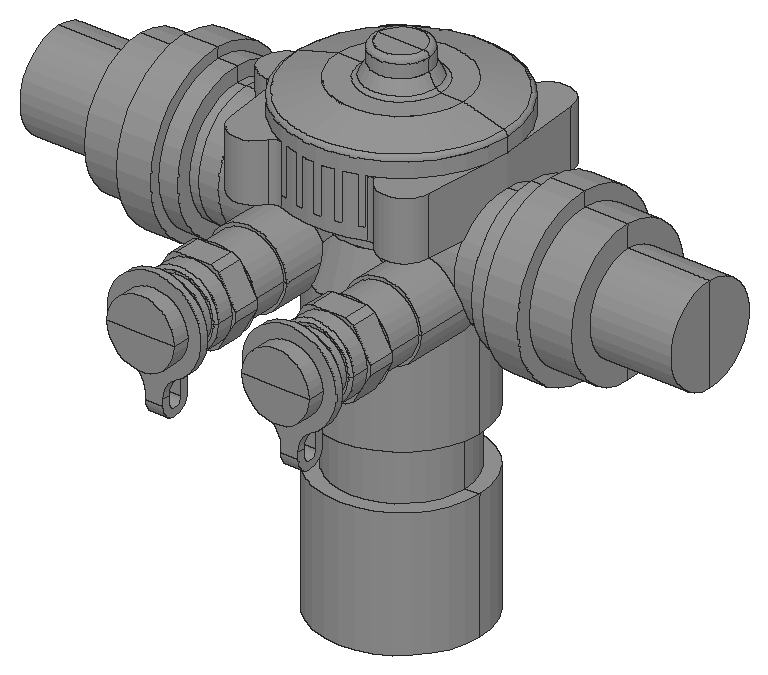
Revit family "Kombiventil 4006_M_SMART", category Rohrzubehör, Revit 2018
Family settings
  Bemaßung runder Anschluss = Durchmesser verwenden
  Teiletyp = Unterbricht
  OmniClass-Nummer = 23.65.55.14
  OmniClass-Titel = Valves for Liquid Services
  Arbeitsebenenbasiert = Nein
  Immer vertikal = Ja
  Beim Laden mit Abzugskörper schneiden = Nein
  Gemeinsam genutzt = Nein
Parameters
  min.Betriebstemperatur (Frostschutz) = -20 °C  # constant formula
  min. Betriebstemperatur (reines Wasser) = 2 °C  # constant formula
  max.Betriebstemperatur bis DN32 = 130 °C  # constant formula
  max.Betriebstemperatur ab DN40 = 110 °C  # constant formula
  max.Betriebsdruck = 1600000.0 Pa  # constant formula
  VRL01 [instance] = size_lookup("4006M_S", "VRL1", 30.000 mm, Nennweite)  # 30.000 mm
  V12 = 17.000 mm  # constant formula
  V10 = 7.000 mm  # constant formula
  V09 [instance] = L06 + 4.000 mm  # 11.000 mm
  V07 = 8.000 mm  # constant formula
  V06 [instance] = 12.000 mm  # constant formula
  V05 [instance] = 13.200 mm  # constant formula
  V04 [instance] = V08 + 3.000 mm  # 15.500 mm
  V03 [instance] = V08 + 5.000 mm  # 17.500 mm
  V02 [instance] = V01 + 4.500 mm  # 14.500 mm
  V01 [instance] = Nennweite / 2  # 10.000 mm
  URL = "www.herz-armaturen.at"
  Stift = "Edelstahl 14301"  # constant formula
  SCRNSEQ = "ARM;ARM_TYP=\"DURR\";2"
  SCRNCODE = "05;04;02"  # constant formula
  S09 = 10.000 mm  # constant formula
  S08 = 30.000 mm  # constant formula
  S07 [instance] = H03 + 3.700 mm  # 13.051 mm
  S06 [instance] = 42.550 mm  # constant formula
  S05 = 51.500 mm  # constant formula
  S04 [instance] = V03 * 2  # 35.000 mm
  S03 [instance] = VRL01 + L02  # 64.000 mm
  S02 [instance] = VRL01 + L01  # 71.000 mm
  S01 [instance] = L01 + L02 + (VRL01 * 2)  # 135.000 mm
  R17 [instance] = size_lookup("4006M_S", "R17", 12.500 mm, Nennweite)  # 14.000 mm
  R16 [instance] = size_lookup("4006M_S", "R16", 16.500 mm, Nennweite)  # 14.000 mm
  R15 = 7.225 mm  # constant formula
  R14 = 8.070 mm  # constant formula
  R13 = 3.496 mm  # constant formula
  R12 = 6.800 mm  # constant formula
  R11 = 9.620 mm  # constant formula
  R10 = 6.800 mm  # constant formula
  R09 = 16.292 mm  # constant formula
  R08 = 13.212 mm  # constant formula
  R07 = 18.816 mm  # constant formula
  R06 = 22.000 mm  # constant formula
  R05 = 12.954 mm  # constant formula
  R04 = 7.193 mm  # constant formula
  R03 = 5.755 mm  # constant formula
  R02 = 4.670 mm  # constant formula
  R01 [instance] = size_lookup("4006M_S", "R01", 11.000 mm, Nennweite)  # 12.500 mm
  PN = 16  # constant formula
  O-Ringe = "EPDM"  # constant formula
  V08 [instance] = size_lookup("4006M_S", "N2", 10.000 mm, Nennweite)  # 12.500 mm
  Nennweite/2 [instance] = size_lookup("4006M_S", "N1", 8.000 mm, Nennweite)  # 11.000 mm
  Nennweite [instance] = 20.000 mm
  Membrangehäuse = "Messing CW602N"  # constant formula
  Membrane = "EPDM"  # constant formula
  Medium = "Wasserbeschaffenheit nach ÖNORM H 5195 und VDI 2035.\r\nDie Verwendung von Ethylen- und Propylenglykol ist im Mischungsverhältnis 25 - 50 Vol.- [%] zulässig."
  L15 [instance] = size_lookup("4006M_S", "L15", 3.300 mm, Nennweite)  # 5.300 mm
  L14 [instance] = size_lookup("4006M_S", "L14", 43.477 mm, Nennweite)  # 46.477 mm
  L13 [instance] = size_lookup("4006M_S", "L13", 32.232 mm, Nennweite)  # 35.232 mm
  L12 [instance] = size_lookup("4006M_S", "L12", 6.497 mm, Nennweite)  # 9.497 mm
  L11 [instance] = size_lookup("4006M_S", "L11", 5.418 mm, Nennweite)  # 2.418 mm
  L10 [instance] = size_lookup("4006M_S", "L10", 12.434 mm, Nennweite)  # 9.434 mm
  L09 [instance] = size_lookup("4006M_S", "L09", 24.943 mm, Nennweite)  # 21.943 mm
  L08 [instance] = size_lookup("4006M_S", "L08", 28.260 mm, Nennweite)  # 25.260 mm
  L07 [instance] = size_lookup("4006M_S", "L07", 33.915 mm, Nennweite)  # 30.915 mm
  L06 = 7.000 mm  # constant formula
  L05 = 9.000 mm  # constant formula
  L04 = 21.000 mm  # constant formula
  L03 = 28.000 mm  # constant formula
  L02 = 34.000 mm  # constant formula
  L01 = 41.000 mm  # constant formula
  Impulsleitung = "Kupfer Cu-DHP (CW024A)"  # constant formula
  Hub = 4.000 mm  # constant formula
  Hersteller = "Herz-Armaturen GmbH"  # constant formula
  H04 = 12.000 mm  # constant formula
  H03 = 9.351 mm  # constant formula
  H02 [instance] = size_lookup("4006M_S", "H2", 69.000 mm, Nennweite)  # 73.000 mm
  H01 [instance] = size_lookup("4006M_S", "H1", 35.000 mm, Nennweite)  # 32.000 mm
  H [instance] = 112.553 mm  # constant formula
  Gehäuse = "DZR Messing CC770S"  # constant formula
  E20 = 108.221 mm  # constant formula
  E19 = 5.000 mm  # constant formula
  E18 = 5.150 mm  # constant formula
  E17 = 28.850 mm  # constant formula
  E16 = 23.700 mm  # constant formula
  E15 = 21.877 mm  # constant formula
  E14 = 20.506 mm  # constant formula
  E13 = 11.063 mm  # constant formula
  E12 = 9.001 mm  # constant formula
  E11 = 10.700 mm  # constant formula
  E10 = 20.427 mm  # constant formula
  E09 = 20.075 mm  # constant formula
  E08 = 20.825 mm  # constant formula
  E07 = 5.150 mm  # constant formula
  E06 = 17.921 mm  # constant formula
  E05 = 20.519 mm  # constant formula
  E04 = 19.704 mm  # constant formula
  E03 = 18.385 mm  # constant formula
  E02 = 20.014 mm  # constant formula
  E01 = 23.000 mm  # constant formula
  Druckfeder = "Federstahl"  # constant formula
  DN20 [instance] = Nennweite = 20.000 mm  # yes
  DN15 [instance] = Nennweite = 15.000 mm  # no
  Bestellnummer Verschraubung [instance] = size_lookup("4006M_S", "Vrnr", 0, Nennweite)  # 1621002
  Bestellnummer [instance] = size_lookup("4006M_S", "Artnr", 0, Nennweite)  # 1400622
  Bauschutzkappe = "Kunststoff"  # constant formula
  B09 = 7.998 mm  # constant formula
  B08 = 23.556 mm  # constant formula
  B07 = 30.908 mm  # constant formula
  B06 = 39.471 mm  # constant formula
  B05 = 40.933 mm  # constant formula
  B04 = 41.901 mm  # constant formula
  B03 = 44.372 mm  # constant formula
  B02 = 45.400 mm  # constant formula
  B01 = 50.000 mm  # constant formula
  Anwendungsgebiet = "Das Kombiventil wird in allen pumpenbetriebenen Heiz- und Kühlanlagen eingesetzt. Der Regler begrenzt automatisch\r\nden Volumenstrom im gewählten Anlagenteil auf den einmal eingestellten Wert, indem alle Druckschwankungen\r\ngemessen und ausgeregelt werden. Somit sind keine Messungen erforderlich und die Regelung ist bei allen\r\nBetriebsbedingungen effektiv. Das Kombiventil regelt den Volumenstrom der ventileigenen Voreinstellung auf einen\r\nkonstanten Wert; die Membran regelt aufgrund des Druckes unmittelbar nach dem Regeleinsatz, sowie des Druckes\r\ndavor."
Reference planes
  plane 1 "Mitte (Vorne/hinten)": y = 0
  plane 2: z = 0
  plane 3 "Mitte (Links/rechts)": x = 0
Forms (mm)
  Revolve 1, solid, material "Messing, weicher Gelbton, geschweißt", detail levels fine
    sketch origin (0, 0, 0) x (1, 0, 0) y (0, 0, 1)
      loop
        line (-41, 11) -> (-34, 11) -> (-34, 0) -> (27, 0) -> (27, 11) -> (34, 11) -> (34, 12.5) -> (25, 12.5) -> (21, 12.5) -> (-28, 12.5) -> (-32, 12.5) -> (-41, 12.5) -> (-41, 11)
      axis (-41, 0) -> (34, 0)
    angle from 0 to 360
  Revolve 2, solid, material "Messing, weicher Gelbton, geschweißt", detail levels fine
    sketch origin (0, 0, 0) x (1, 0, 0) y (0, 0, 1)
      loop
        line (0, -73) -> (16.292, -73) -> (16.292, -46.477) -> (13.212, -46.477) -> (13.212, -35.232) -> (16.292, -35.232) -> (16.292, -9.497) -> (13.212, 0.106) -> (13.212, 2.418) -> (18.816, 9.434) -> (22, 9.434) -> (22, 21.943)
        arc (22, 21.943) -> (21.752, 22.523) -> (21.223, 22.866) r 1.085
        line (21.223, 22.866) -> (12.954, 25.26) -> (8.134, 25.26)
        arc (8.134, 25.26) -> (7.591, 25.406) -> (7.193, 25.803) r 1.086
        line (7.193, 25.803) -> (5.755, 28.294) -> (5.755, 30.915)
        arc (5.755, 30.915) -> (5.437, 31.682) -> (4.67, 32) r 1.085
        line (4.67, 32) -> (0, 32) -> (0, -73)
      axis (0, 32) -> (0, -73)
    angle from 0 to 360
  Extrusion 3, solid, material "Messing, weicher Gelbton, geschweißt", detail levels fine
    sketch origin (0, 0, 28.917) x (1, 0, 0) y (0, 1, 0)
      loop
        arc (-20.506, 17.921) -> (-21.381, 11.556) -> (-21.877, 5.15) r 108.259
        line (-21.877, 5.15) -> (-23.7, 5.15)
        arc (-23.7, 5.15) -> (-27.342, 3.642) -> (-28.85, 0) r 5.15
        arc (-28.85, 0) -> (-27.342, -3.642) -> (-23.7, -5.15) r 5.15
        line (-23.7, -5.15) -> (-21.877, -5.15)
        arc (-21.877, -5.15) -> (-21.356, -11.79) -> (-20.427, -18.385) r 108.259
        arc (-20.427, -18.385) -> (-16.688, -23.223) -> (-11.063, -20.825) r 5
        arc (-11.063, -20.825) -> (-10.143, -20.146) -> (-9.001, -20.075) r 2.019
        arc (-9.001, -20.075) -> (0, -22.001) -> (9.001, -20.075) r 22.001
        arc (9.001, -20.075) -> (10.143, -20.145) -> (11.063, -20.825) r 2.019
        arc (11.063, -20.825) -> (16.688, -23.223) -> (20.427, -18.385) r 5
        arc (20.427, -18.385) -> (22, 0) -> (20.427, 18.385) r 108.221
        arc (20.427, 18.385) -> (16.253, 23.316) -> (10.7, 20.014) r 5
        arc (10.7, 20.014) -> (9.88, 19.699) -> (9.001, 19.704) r 2.379
        arc (9.001, 19.704) -> (0, 21.663) -> (-9.001, 19.704) r 21.663
        arc (-9.001, 19.704) -> (-10.161, 19.785) -> (-11.063, 20.519) r 1.927
        arc (-11.063, 20.519) -> (-16.774, 22.818) -> (-20.506, 17.921) r 5.079
    from -21.973 to -9.973
  Revolve 4, solid, material "Messing, weicher Gelbton, geschweißt", detail levels fine
    sketch origin (0, 0, -5.3) x (1, 0, 0) y (0, 1, 0)
      loop
        line (-14, -22.322) -> (-14, -7.998) -> (-22.07, -7.998) -> (-22.07, -22.322) -> (-14, -22.322)
      axis (-14, -7.998) -> (-14, -22.322)
    angle from 0 to 360
  Revolve 5, solid, material "Messing, weicher Gelbton, geschweißt", detail levels fine
    sketch origin (0, 0, 0) x (1, 0, 0) y (0, 0, 1)
      loop
        line (34, 0) -> (64, 0) -> (64, 10) -> (47, 10) -> (47, 14.5) -> (38, 14.5) -> (38, 17.5) -> (31, 17.5) -> (31, 15.5) -> (27, 15.5) -> (27, 12.5) -> (34, 12.5) -> (34, 0)
      axis (27, 0) -> (64, 0)
    angle from 0 to 360
  Revolve 6, solid, material "Messing, weicher Gelbton, geschweißt", detail levels fine
    sketch origin (-7, 0, 0) x (-1, 0, 0) y (0, 0, 1)
      loop
        line (34, 0) -> (64, 0) -> (64, 10) -> (47, 10) -> (47, 14.5) -> (38, 14.5) -> (38, 17.5) -> (31, 17.5) -> (31, 15.5) -> (27, 15.5) -> (27, 12.5) -> (34, 12.5) -> (34, 0)
      axis (27, 0) -> (64, 0)
    angle from 0 to 360
  Revolve 7, solid, material "Messing, weicher Gelbton, geschweißt", detail levels fine
    sketch origin (0, 0, -5.3) x (-1, 0, 0) y (0, -1, 0)
      loop
        line (-14, 22.322) -> (-22.07, 22.322) -> (-22.07, 7.914) -> (-14, 7.914) -> (-14, 22.322)
      axis (-14, 7.914) -> (-14, 22.322)
    angle from 0 to 360
Lines and regions (mm)
  model lines, detail levels coarse+medium
    curve 1: line (67.5, -17.5, 0) -> (67.5, 17.5, 0)
    curve 2: line (67.5, 17.5, 0) -> (-67.5, -17.5, 0)
    curve 3: line (-67.5, -17.5, 0) -> (-67.5, 17.5, 0)
    curve 4: line (-67.5, 17.5, 0) -> (67.5, -17.5, 0)
    curve 5: line (-67.5, 17.173, 0) -> (0, -9.434, 0)
    curve 6: line (0, -9.434, 0) -> (67.5, 17.173, 0)
    curve 7: line (0, -9.434, 0) -> (0, -18.949, 0)
    curve 8: spline (-22, -25.474, 0) -> (-21.25, -23.786, 0) -> (-19.053, -22.212, 0) -> (-15.556, -20.86, 0) -> (-11, -19.823, 0) -> (-5.694, -19.171, 0) -> (0, -18.949, 0) -> (5.694, -19.171, 0) -> (11, -19.823, 0) -> (15.556, -20.86, 0) -> (19.053, -22.212, 0) -> (21.25, -23.786, 0) -> (22, -25.475, 0) -> (21.25, -27.163, 0) -> (19.053, -28.737, 0) -> (15.556, -30.089, 0) -> (11, -31.126, 0) -> (5.694, -31.778, 0) -> (0, -32, 0) -> (-5.694, -31.778, 0) -> (-11, -31.126, 0) -> (-15.556, -30.089, 0) -> (-19.053, -28.737, 0) -> (-21.25, -27.163, 0) -> (-22, -25.474, 0)
    curve 9: line (-67.5, 0, 17.5) -> (-67.5, 0, -17.454)
    curve 10: line (-67.5, 0, -17.454) -> (67.5, 0, 17.5)
    curve 11: line (67.5, 0, 17.5) -> (67.5, 0, -17.454)
    curve 12: line (67.5, 0, -17.454) -> (-67.5, 0, 17.5)
    curve 13: line (67.5, 0, -17.5) -> (0, 0, 9.434)
    curve 14: line (0, 0, 9.434) -> (-67.5, 0, -17.5)
    curve 15: line (0, 0, 9.434) -> (0, 0, 18.949)
    curve 16: spline (-22, 0, 25.475) -> (-21.25, 0, 27.163) -> (-19.053, 0, 28.737) -> (-15.556, 0, 30.089) -> (-11, 0, 31.126) -> (-5.694, 0, 31.778) -> (0, 0, 32) -> (5.694, 0, 31.778) -> (11, 0, 31.126) -> (15.556, 0, 30.089) -> (19.053, 0, 28.737) -> (21.25, 0, 27.163) -> (22, 0, 25.474) -> (21.25, 0, 23.786) -> (19.053, 0, 22.212) -> (15.556, 0, 20.86) -> (11, 0, 19.823) -> (5.694, 0, 19.171) -> (0, 0, 18.949) -> (-5.694, 0, 19.171) -> (-11, 0, 19.823) -> (-15.556, 0, 20.86) -> (-19.053, 0, 22.212) -> (-21.25, 0, 23.786) -> (-22, 0, 25.475)
  model lines
    curve 17: line (-67.5, 0, 17.5) -> (-77.5, 0, 17.5)
    curve 18: line (-67.5, 0, -17.5) -> (-77.5, 0, -17.5)
    curve 19: line (-67.5, 0, 0) -> (-97.5, 0, 0)
    curve 20: line (-77.5, 0, 17.5) -> (-67.5, 0, 0)
    curve 21: line (-77.5, 0, -17.5) -> (-67.5, 0, 0)
    curve 22: line (67.5, 0, 17.5) -> (77.5, 0, 17.5)
    curve 23: line (67.5, 0, -17.5) -> (77.5, 0, -17.5)
    curve 24: line (67.5, 0, 0) -> (97.5, 0, 0)
    curve 25: line (77.5, 0, 17.5) -> (67.5, 0, 0)
    curve 26: line (77.5, 0, -17.5) -> (67.5, 0, 0)
    curve 27: line (16.5, 0, -1.3) -> (16.5, 0, -24.112)
    curve 28: line (-16.5, 0, -1.3) -> (-16.5, 0, -17.305)
Dimensions and locks
  "H02": level to Revolve 2 sketch curve
  "L01": plane 3 "Mitte (Links/rechts)" to Revolve 1 sketch curve
  "V08": Revolve 1 sketch curve to Revolve 1 sketch curve  (x2)
  "Nennweite/2": Revolve 1 sketch curve to Revolve 1 sketch curve  (x2)
  "E01": plane 1 "Mitte (Vorne/hinten)" to Extrusion 3 sketch curve
  "L03": plane 3 "Mitte (Links/rechts)" to Revolve 1 sketch curve
  "L04": Revolve 1 sketch curve to plane 3 "Mitte (Links/rechts)"
  "L05": Revolve 1 sketch curve to Revolve 1 sketch curve  (x2)
  "L06": Revolve 1 sketch curve to Revolve 1 sketch curve  (x2)
  "L02": Revolve 1 sketch curve to plane 3 "Mitte (Links/rechts)"
  "H01": Revolve 2 sketch curve to level
  "R02": Revolve 2 sketch curve to Revolve 2 sketch curve
  "R03": Revolve 2 sketch curve to Revolve 2 sketch curve
  "R04": Revolve 2 sketch curve to Revolve 2 sketch curve
  "R05": Revolve 2 sketch curve to Revolve 2 sketch curve
  "R06": Revolve 2 sketch curve to Revolve 2 sketch curve
  "R07": Revolve 2 sketch curve to Revolve 2 sketch curve
  "R08": Revolve 2 sketch curve to Revolve 2 sketch curve  (x2)
  "R09": Revolve 2 sketch curve to Revolve 2 sketch curve  (x2)
  "L07": Revolve 2 sketch curve to plane 2
  "L08": Revolve 2 sketch curve to plane 2
  "L09": Revolve 2 sketch curve to plane 2
  "L10": Revolve 2 sketch curve to plane 2
  "L11": Revolve 2 sketch curve to plane 2
  "L12": plane 2 to Revolve 2 sketch curve
  "L13": plane 2 to Revolve 2 sketch curve
  "L14": plane 2 to Revolve 2 sketch curve
  "B09": Revolve 4 sketch curve to plane 1 "Mitte (Vorne/hinten)"
  "E02": plane 1 "Mitte (Vorne/hinten)" to Extrusion 3 sketch curve
  "E03": plane 1 "Mitte (Vorne/hinten)" to Extrusion 3 sketch curve
  "E04": plane 1 "Mitte (Vorne/hinten)" to Extrusion 3 sketch curve  (x2)
  "E05": plane 1 "Mitte (Vorne/hinten)" to Extrusion 3 sketch curve
  "E06": plane 1 "Mitte (Vorne/hinten)" to Extrusion 3 sketch curve
  "E07": plane 1 "Mitte (Vorne/hinten)" to Extrusion 3 sketch curve  (x2)
  "E03": Extrusion 3 sketch curve to plane 1 "Mitte (Vorne/hinten)"  (x2)
  "E08": Extrusion 3 sketch curve to plane 1 "Mitte (Vorne/hinten)"  (x2)
  "E09": Extrusion 3 sketch curve to plane 1 "Mitte (Vorne/hinten)"  (x2)
  "E07": Extrusion 3 sketch curve to plane 1 "Mitte (Vorne/hinten)"
  "E10": plane 3 "Mitte (Links/rechts)" to Extrusion 3 sketch curve  (x2)
  "E11": plane 3 "Mitte (Links/rechts)" to Extrusion 3 sketch curve
  "E12": plane 3 "Mitte (Links/rechts)" to Extrusion 3 sketch curve  (x2)
  "E12": Extrusion 3 sketch curve to plane 3 "Mitte (Links/rechts)"  (x2)
  "E13": Extrusion 3 sketch curve to plane 3 "Mitte (Links/rechts)"  (x2)
  "E14": Extrusion 3 sketch curve to plane 3 "Mitte (Links/rechts)"
  "E15": Extrusion 3 sketch curve to plane 3 "Mitte (Links/rechts)"  (x2)
  "E16": Extrusion 3 sketch curve to plane 3 "Mitte (Links/rechts)"  (x2)
  "E17": Extrusion 3 sketch curve to plane 3 "Mitte (Links/rechts)"
  "E10": Extrusion 3 sketch curve to plane 3 "Mitte (Links/rechts)"
  "E13": plane 3 "Mitte (Links/rechts)" to Extrusion 3 sketch curve
  "H03": Revolve 2 to Extrusion 3
  "H04": Extrusion 3 to Extrusion 3
  "R01": Revolve 1 sketch curve to Revolve 1 sketch curve
  "V03": Revolve 5 sketch curve to plane 2
  "V04": Revolve 5 sketch curve to plane 2
  "V08": Revolve 5 sketch curve to plane 2
  "L06": Revolve 5 sketch curve to Revolve 5 sketch curve
  "L02": plane 3 "Mitte (Links/rechts)" to Revolve 5 sketch curve
  "V01": Revolve 5 sketch curve to plane 2
  "V02": Revolve 5 sketch curve to plane 2
  "V09": Revolve 5 sketch curve to Revolve 5 sketch curve
  "V10": Revolve 5 sketch curve to Revolve 5 sketch curve
  "V12": Revolve 5 sketch curve to Revolve 5 sketch curve
  "L06": Revolve 6 sketch curve to Revolve 6 sketch curve
  "V09": Revolve 6 sketch curve to Revolve 6 sketch curve
  "V10": Revolve 6 sketch curve to Revolve 6 sketch curve
  "V12": Revolve 6 sketch curve to Revolve 6 sketch curve
  "L01": Revolve 6 sketch curve to plane 3 "Mitte (Links/rechts)"
  "V01": Revolve 6 sketch curve to plane 2
  "V02": Revolve 6 sketch curve to plane 2
  "V03": Revolve 6 sketch curve to plane 2
  "V08": Revolve 6 sketch curve to plane 2
  "V04": Revolve 6 sketch curve to plane 2
  "VRL01": Revolve 6 sketch curve to Revolve 6 sketch curve
  "S04": curve 3 to curve 4
  "S04": curve 4 to curve 2
  "VRL01": Revolve 5 sketch curve to Revolve 5 sketch curve
  equal spacing: curve 3, plane 1 "Mitte (Vorne/hinten)", curve 4
  equal spacing: curve 4, plane 1 "Mitte (Vorne/hinten)", curve 2
  equal spacing: curve 3, plane 3 "Mitte (Links/rechts)", curve 1
  "S01": curve 3 to curve 1
  "L10": curve 7 to plane 1 "Mitte (Vorne/hinten)"
  "H01": curve 8 to plane 1 "Mitte (Vorne/hinten)"
  "S07": curve 8 to curve 8
  "S01": curve 9 to curve 11
  equal spacing: curve 9, curve 8, curve 11
  equal spacing: curve 9, plane 3 "Mitte (Links/rechts)", curve 11
  "S04": curve 11 to curve 13
  "S04": curve 12 to curve 14
  equal spacing: curve 12, plane 2, curve 14
  equal spacing: curve 11, plane 2, curve 13
  "R06": curve 16 to plane 3 "Mitte (Links/rechts)" to curve 16
  "S07": curve 16 to curve 16
  "H01": curve 16 to plane 2
  "L10": curve 15 to plane 2
  "S09": curve 20 to curve 9
  "S09": curve 21 to curve 9
  "S08": curve 19 to curve 9
  "S09": curve 11 to curve 25
  "S08": curve 11 to curve 24
  "S09": curve 11 to curve 26
  "V03": curve 17 to plane 2
  "V03": plane 2 to curve 18
  "V03": curve 22 to plane 2
  "V03": plane 2 to curve 23
  "R17": plane 3 "Mitte (Links/rechts)" to Revolve 7 sketch curve
  "R14": Revolve 7 sketch curve to Revolve 7 sketch curve
  "R16": Revolve 4 sketch curve to plane 3 "Mitte (Links/rechts)"
  "R14": Revolve 4 sketch curve to Revolve 4 sketch curve
  "R06": curve 8 to plane 3 "Mitte (Links/rechts)" to curve 8
  "L15": plane 2 to Revolve 4
  "L15": plane 2 to Revolve 7
  "L15": plane 2 to nested 2
  "L15": plane 2 to nested 4
  "L15": plane 2 to nested 5
  "L15": plane 2 to nested 3
  "B01": nested 4 to plane 1 "Mitte (Vorne/hinten)"
  "B01": nested 2 to plane 1 "Mitte (Vorne/hinten)"
  "B01": nested 5 to plane 1 "Mitte (Vorne/hinten)"
  "B01": nested 3 to plane 1 "Mitte (Vorne/hinten)"
  "E18": radius of Extrusion 3 sketch curve  (x2)
  "E19": radius of Extrusion 3 sketch curve  (x3)
  "E20": radius of Extrusion 3 sketch curve
  aligned and locked: level to plane 2
Automatic sketch dimensions
  curve 20 to level = 0.000 mm
  curve 24 to level = 0.000 mm
  curve 18 to curve 20 = 10.000 mm
  curve 24 to curve 23 = 10.000 mm
  curve 18 to curve 18 = 10.000 mm
  curve 17 to curve 17 = 10.000 mm
  curve 28 to level = 1.300 mm
  curve 28 to plane 3 "Mitte (Links/rechts)" = 16.500 mm
  curve 27 to level = 1.300 mm
  plane 3 "Mitte (Links/rechts)" to curve 27 = 16.500 mm
  curve 22 to curve 22 = 10.000 mm
  curve 23 to curve 23 = 10.000 mm
  curve 27 to curve 27 = 22.812 mm
  curve 28 to curve 28 = 16.005 mm
  curve 6 to plane 3 "Mitte (Links/rechts)" = 0.000 mm
  curve 6 to curve 1 = 0.327 mm
  curve 5 to curve 3 = 0.327 mm
  Revolve 1 sketch curve to level = 0.000 mm  (x2)
  Revolve 1 sketch curve to Revolve 1 sketch curve = 1307.458 mm
  Revolve 1 sketch curve to Revolve 1 sketch curve = 1854.450 mm
  Revolve 2 sketch curve to plane 3 "Mitte (Links/rechts)" = 0.000 mm  (x2)
  Revolve 2 sketch curve to Revolve 2 sketch curve = 0.941 mm
  Revolve 2 sketch curve to Revolve 2 sketch curve = 1.078 mm
  Revolve 2 sketch curve to Revolve 2 sketch curve = 0.302 mm
  level to Revolve 2 sketch curve = 0.106 mm
  Revolve 2 sketch curve to Revolve 2 sketch curve = 0.119 mm
  Revolve 2 sketch curve to Revolve 2 sketch curve = 0.543 mm
  Revolve 2 sketch curve to Revolve 2 sketch curve = 2.621 mm
  Revolve 2 sketch curve to Revolve 2 sketch curve = 297.045 mm
  Revolve 2 sketch curve to Revolve 2 sketch curve = 2179.315 mm
  Extrusion 3 sketch curve to Extrusion 3 sketch curve = 0.000 mm  (x4)
  plane 1 "Mitte (Vorne/hinten)" to Extrusion 3 sketch curve = 0.000 mm
  Extrusion 3 sketch curve to Extrusion 3 sketch curve = 1.610 mm  (x2)
  Extrusion 3 sketch curve to Extrusion 3 sketch curve = 0.451 mm
  Extrusion 3 sketch curve to Extrusion 3 sketch curve = 0.452 mm
  Revolve 4 sketch curve to Revolve 4 sketch curve = 14.324 mm
  Revolve 4 sketch curve to Revolve 4 sketch curve = 0.000 mm  (x2)
  Revolve 4 sketch curve to Revolve 4 sketch curve = 27.678 mm
  Revolve 5 sketch curve to level = 0.000 mm  (x2)
  Revolve 5 sketch curve to Revolve 5 sketch curve = 0.000 mm  (x2)
  Revolve 6 sketch curve to level = 0.000 mm  (x2)
  Revolve 6 sketch curve to Revolve 6 sketch curve = 0.000 mm  (x2)
  curve 14 to plane 3 "Mitte (Links/rechts)" = 0.000 mm
  curve 14 to curve 10 = 0.046 mm
  curve 13 to curve 12 = 0.046 mm
  plane 1 "Mitte (Vorne/hinten)" to Revolve 7 sketch curve = 7.914 mm
  Revolve 7 sketch curve to Revolve 7 sketch curve = 14.407 mm
  Revolve 7 sketch curve to Revolve 7 sketch curve = 0.000 mm
  Revolve 7 sketch curve to Revolve 7 sketch curve = 0.084 mm
  Revolve 7 sketch curve to Revolve 7 sketch curve = 27.678 mm
Nested families
  nested 1: "Herz-Logo-vorne" at (0, -16.056, -19.148) x (0, 1, 0) z (0, 0, 1), type "Herz-Logo-vorne", detail levels fine
  nested 2: "Messstutzen_Band_Eintritt" at (-14, -13.322, -5.3), visible <- "DN20", type "Messstutzen_Band_Eintritt"
    with Schutzkappe yes, Nennweite 0.000 mm, Gewicht 0.00 kg, Bestellnummer 0
  nested 3: "Messstutzen_Band_Austritt" at (14, -13.322, -5.3), visible <- "DN20", type "Messstutzen_Band_Austritt"
    with Schutzkappe yes, Nennweite 0.000 mm, Gewicht 0.00 kg, Bestellnummer 0
  nested 4: "Messstutzen_Band_Eintritt" at (-16.5, -13.322, -5.3), visible <- "DN15", type "Messstutzen_Band_Eintritt"
    with Schutzkappe yes, Nennweite 0.000 mm, Gewicht 0.00 kg, Bestellnummer 0
  nested 5: "Messstutzen_Band_Austritt" at (12.5, -13.322, -5.3), visible <- "DN15", type "Messstutzen_Band_Austritt"
    with Schutzkappe yes, Nennweite 0.000 mm, Gewicht 0.00 kg, Bestellnummer 0
Connectors
  piping at (64, 0, 0), diameter 20, driven by "Nennweite"
    settings: on Revolve 5, index 3, connector inside diameter 609.6 mm, connector length 0.000 mm, flow factor 0, pipe flow 0.0 L/s, pressure drop 0.0 Pa, fitting loss kfactor 0, connector angle 0.00°, fixture units 0, engagement length 0.000 mm, angle of deflection 0.00°, flow configuration 0, flow direction 2, fitting loss method 0, system type 29, joint type 0, gender type 0, connector reference index -1, connector utility 0, adjustable connector no, is connector primary yes, connector description ""
  piping at (-71, 0, 0), diameter 20, driven by "Nennweite"
    settings: on Revolve 6, index 4, connector inside diameter 609.6 mm, connector length 0.000 mm, flow factor 0, pipe flow 0.0 L/s, pressure drop 0.0 Pa, fitting loss kfactor 0, connector angle 0.00°, fixture units 0, engagement length 0.000 mm, angle of deflection 0.00°, flow configuration 0, flow direction 1, fitting loss method 0, system type 29, joint type 0, gender type 0, connector reference index -1, connector utility 0, adjustable connector no, is connector primary no, connector description ""
Definition of nested family "Herz-Logo-vorne"
  Reference planes
    plane 1 "Mitte (Vorne/hinten)": y = 0
    plane 2: z = 0
    plane 3 "Mitte (Links/rechts)": x = 0
  Forms (mm)
    Extrusion 1, solid
      sketch origin (0.732, -0.018, 0.017) x (0, -1, 0) y (0, 0, 1)
        loop
          line (-0.018, -4.517) -> (4.482, -4.517) -> (4.482, 4.483) -> (-4.518, 4.483) -> (-4.518, -4.517) -> (-0.018, -4.517)
        loop
          line (-0.05, -3.48) -> (3.482, -3.48) -> (3.482, 3.483) -> (-3.518, 3.483) -> (-3.518, -3.48) -> (-0.05, -3.48)
        loop
          arc (-0.018, 2.383) -> (-1.543, 3.287) -> (-3.067, 2.383) r 1.738
          arc (-3.067, 2.383) -> (-3.191, 1.899) -> (-3.067, 1.415) r 1.009
          line (-3.067, 1.415) -> (-0.018, -3.281) -> (3.032, 1.415)
          arc (3.032, 1.415) -> (3.156, 1.899) -> (3.032, 2.383) r 1.009
          arc (3.032, 2.383) -> (1.507, 3.287) -> (-0.018, 2.383) r 1.738
        loop
          arc (1.885, 1.272) -> (2.005, 1.675) -> (1.885, 2.079) r 0.74
          arc (1.885, 2.079) -> (1.265, 2.416) -> (0.644, 2.079) r 0.74
          line (0.644, 2.079) -> (-0.018, 0.97) -> (-0.679, 2.079)
          arc (-0.679, 2.079) -> (-1.3, 2.416) -> (-1.921, 2.079) r 0.74
          arc (-1.921, 2.079) -> (-2.04, 1.675) -> (-1.921, 1.272) r 0.74
          line (-1.921, 1.272) -> (-0.018, -1.658) -> (1.885, 1.272)
      from 0 to 1.5
  Dimensions and locks
    aligned and locked: level to plane 2
Definition of nested family "Messstutzen_Band_Eintritt"
  Parameters (values of type "Messstutzen_Band_Eintritt")
    URL = "www.herz-armaturen.at"
    Schutzkappe [instance] = yes
    Nennweite [instance] = 0.000 mm
    Manufacturer = "Herz Armaturen GmbH"  # constant formula
    Gewicht [instance] = 0.00 kg
    Bestellnummer [instance] = 0
  Reference planes
    plane 1 "Mitte (Vorne/hinten)": y = 0
    plane 2: z = 0
    plane 3 "Mitte (Links/rechts)": x = 0
    plane 4 "Schlaufe 1": y = -27
    plane 5 "Schlaufe 2": y = -31.678
  Forms (mm)
    Revolve 1, solid, detail levels fine
      sketch origin (0, 0, 0) x (1, 0, 0) y (0, 1, 0)
        loop
          line (-7.4, -9) -> (-7.4, -16.5)
          arc (-7.4, -16.5) -> (-7.693, -17.207) -> (-8.4, -17.5) r 1
          line (-8.4, -17.5) -> (-2, -17.5) -> (-2, 0) -> (-5.555, 0) -> (-6.455, -0.9) -> (-6.455, -4.681) -> (-5.843, -5.293)
          arc (-5.843, -5.293) -> (-5.626, -5.617) -> (-5.55, -6) r 1
          line (-5.55, -6) -> (-5.55, -9) -> (-7.4, -9)
        loop
          line (-3.7, -27) -> (-3.7, -30.45) -> (-4.415, -30.863) -> (-4.415, -35.19) -> (-3.805, -35.8) -> (-2, -35.8) -> (-2, -23) -> (-7.9, -23) -> (-7.9, -26.4) -> (-7.3, -27) -> (-3.7, -27)
        axis (0, 0) -> (0, -35.8)
      angle from 0 to 360
    Extrusion 2, solid, detail levels fine
      sketch origin (0, -17.5, 0) x (-1, 0, 0) y (0, 0, -1)
        loop
          line (5.156, -7.07) -> (8.7, -0.93)
          arc (8.7, -0.93) -> (8.75, 0) -> (8.7, 0.93) r 8.75
          line (8.7, 0.93) -> (5.156, 7.07)
          arc (5.156, 7.07) -> (4.375, 7.578) -> (3.544, 8) r 8.75
          line (3.544, 8) -> (-3.544, 8)
          arc (-3.544, 8) -> (-4.375, 7.578) -> (-5.156, 7.07) r 8.75
          line (-5.156, 7.07) -> (-8.7, 0.93)
          arc (-8.7, 0.93) -> (-8.75, 0) -> (-8.7, -0.93) r 8.75
          line (-8.7, -0.93) -> (-5.156, -7.07)
          arc (-5.156, -7.07) -> (-4.375, -7.578) -> (-3.544, -8) r 8.75
          line (-3.544, -8) -> (3.544, -8)
          arc (3.544, -8) -> (4.375, -7.578) -> (5.156, -7.07) r 8.75
      from 0 to 5.5
    Revolve 3, solid, visible <- "Schutzkappe", detail levels fine
      sketch origin (0, 0, 0) x (1, 0, 0) y (0, 1, 0)
        loop
          line (0, -35.878) -> (-3.805, -35.878) -> (-4.415, -35.268) -> (-4.415, -30.178) -> (-6.9, -30.178) -> (-6.9, -31.678) -> (-6.1, -31.678) -> (-6.1, -33.378) -> (-7, -33.378) -> (-7, -36.678) -> (0, -36.678) -> (0, -35.878)
        axis (0, -30.178) -> (0, -36.678)
      angle from 0 to 360
    Extrusion 4, solid
      sketch origin (0, -27, 0) x (0, 0, -1) y (-1, 0, 0)
        loop
          circle (0, 0) r 3.7
        loop
          arc (5.505, 3.906) -> (-6.75, 0) -> (5.505, -3.906) r 6.75
          arc (5.505, -3.906) -> (7.288, -2.358) -> (9.582, -1.8) r 5
          line (9.582, -1.8) -> (9.582, 1.8)
          arc (9.582, 1.8) -> (7.288, 2.358) -> (5.505, 3.906) r 5
      from 0 to -1.5
    Extrusion 5, solid
      sketch origin (0, -31.678, 0) x (0, 0, -1) y (-1, 0, 0)
        loop
          circle (0, 0) r 6.1
        loop
          arc (8.652, 4.495) -> (-9.75, 0) -> (8.652, -4.495) r 9.75
          arc (8.652, -4.495) -> (10.493, -2.527) -> (13.089, -1.8) r 5
          line (13.089, -1.8) -> (13.089, 1.8)
          arc (13.089, 1.8) -> (10.493, 2.527) -> (8.652, 4.495) r 5
      from 0 to -1.5
    Sweep 6, solid
      path origin (0, 0, 0) x (0, 1, 0) y (0, 0, 1)
        loop
          line (-27.75, -9.582) -> (-27.75, -14.522)
          arc (-27.75, -14.522) -> (-30.089, -16.862) -> (-32.428, -14.522) r 2.339
          line (-32.428, -14.522) -> (-32.428, -13.089)
      profile origin (0, -27.75, -12.052) x (1, 0, 0) y (0, 1, 0)
        loop
          line (-1.8, 0.75) -> (-1.8, -0.75) -> (1.8, -0.75) -> (1.8, 0.75) -> (-1.8, 0.75)
  Cuts and joins
    joined: Extrusion 4, Extrusion 5, Sweep 6
  Dimensions and locks
    aligned and locked: level to plane 2
Definition of nested family "Messstutzen_Band_Austritt"
  Parameters (values of type "Messstutzen_Band_Austritt")
    URL = "www.herz-armaturen.at"
    Schutzkappe [instance] = yes
    Nennweite [instance] = 0.000 mm
    Manufacturer = "Herz Armaturen GmbH"  # constant formula
    Gewicht [instance] = 0.00 kg
    Bestellnummer [instance] = 0
  Reference planes
    plane 1 "Mitte (Vorne/hinten)": y = 0
    plane 2: z = 0
    plane 3 "Mitte (Links/rechts)": x = 0
    plane 4 "Schlaufe 1": y = -27
    plane 5 "Schlaufe 2": y = -31.678
  Forms (mm)
    Revolve 1, solid, detail levels fine
      sketch origin (0, 0, 0) x (1, 0, 0) y (0, 1, 0)
        loop
          line (-7.4, -9) -> (-7.4, -16.5)
          arc (-7.4, -16.5) -> (-7.693, -17.207) -> (-8.4, -17.5) r 1
          line (-8.4, -17.5) -> (-2, -17.5) -> (-2, 0) -> (-5.555, 0) -> (-6.455, -0.9) -> (-6.455, -4.681) -> (-5.843, -5.293)
          arc (-5.843, -5.293) -> (-5.626, -5.617) -> (-5.55, -6) r 1
          line (-5.55, -6) -> (-5.55, -9) -> (-7.4, -9)
        loop
          line (-3.7, -27) -> (-3.7, -30.45) -> (-4.415, -30.863) -> (-4.415, -35.19) -> (-3.805, -35.8) -> (-2, -35.8) -> (-2, -23) -> (-7.9, -23) -> (-7.9, -26.4) -> (-7.3, -27) -> (-3.7, -27)
        axis (0, 0) -> (0, -35.8)
      angle from 0 to 360
    Extrusion 2, solid, detail levels fine
      sketch origin (0, -17.5, 0) x (-1, 0, 0) y (0, 0, -1)
        loop
          line (5.156, -7.07) -> (8.7, -0.93)
          arc (8.7, -0.93) -> (8.75, 0) -> (8.7, 0.93) r 8.75
          line (8.7, 0.93) -> (5.156, 7.07)
          arc (5.156, 7.07) -> (4.375, 7.578) -> (3.544, 8) r 8.75
          line (3.544, 8) -> (-3.544, 8)
          arc (-3.544, 8) -> (-4.375, 7.578) -> (-5.156, 7.07) r 8.75
          line (-5.156, 7.07) -> (-8.7, 0.93)
          arc (-8.7, 0.93) -> (-8.75, 0) -> (-8.7, -0.93) r 8.75
          line (-8.7, -0.93) -> (-5.156, -7.07)
          arc (-5.156, -7.07) -> (-4.375, -7.578) -> (-3.544, -8) r 8.75
          line (-3.544, -8) -> (3.544, -8)
          arc (3.544, -8) -> (4.375, -7.578) -> (5.156, -7.07) r 8.75
      from 0 to 5.5
    Revolve 3, solid, visible <- "Schutzkappe", detail levels fine
      sketch origin (0, 0, 0) x (1, 0, 0) y (0, 1, 0)
        loop
          line (0, -35.878) -> (-3.805, -35.878) -> (-4.415, -35.268) -> (-4.415, -30.178) -> (-6.9, -30.178) -> (-6.9, -31.678) -> (-6.1, -31.678) -> (-6.1, -33.378) -> (-7, -33.378) -> (-7, -36.678) -> (0, -36.678) -> (0, -35.878)
        axis (0, -30.178) -> (0, -36.678)
      angle from 0 to 360
    Extrusion 4, solid
      sketch origin (0, -27, 0) x (0, 0, -1) y (-1, 0, 0)
        loop
          circle (0, 0) r 3.7
        loop
          arc (5.505, 3.906) -> (-6.75, 0) -> (5.505, -3.906) r 6.75
          arc (5.505, -3.906) -> (7.288, -2.358) -> (9.582, -1.8) r 5
          line (9.582, -1.8) -> (9.582, 1.8)
          arc (9.582, 1.8) -> (7.288, 2.358) -> (5.505, 3.906) r 5
      from 0 to -1.5
    Extrusion 5, solid
      sketch origin (0, -31.678, 0) x (0, 0, -1) y (-1, 0, 0)
        loop
          circle (0, 0) r 6.1
        loop
          arc (8.652, 4.495) -> (-9.75, 0) -> (8.652, -4.495) r 9.75
          arc (8.652, -4.495) -> (10.493, -2.527) -> (13.089, -1.8) r 5
          line (13.089, -1.8) -> (13.089, 1.8)
          arc (13.089, 1.8) -> (10.493, 2.527) -> (8.652, 4.495) r 5
      from 0 to -1.5
    Sweep 6, solid
      path origin (0, 0, 0) x (0, 1, 0) y (0, 0, 1)
        loop
          line (-27.75, -9.582) -> (-27.75, -14.522)
          arc (-27.75, -14.522) -> (-30.089, -16.862) -> (-32.428, -14.522) r 2.339
          line (-32.428, -14.522) -> (-32.428, -13.089)
      profile origin (0, -27.75, -12.052) x (1, 0, 0) y (0, 1, 0)
        loop
          line (-1.8, 0.75) -> (-1.8, -0.75) -> (1.8, -0.75) -> (1.8, 0.75) -> (-1.8, 0.75)
  Cuts and joins
    joined: Extrusion 4, Extrusion 5, Sweep 6
  Dimensions and locks
    aligned and locked: level to plane 2
